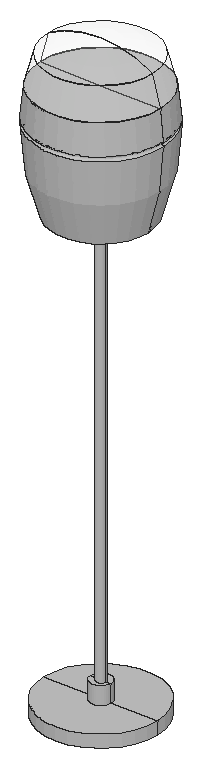
Revit family "Lighting-Pendant-Cooper-Shaper-749", category Lighting Fixtures, host Face, Revit 2015
Parameters
  Width = Length  # 0' - 5"
  Wattage Comments = ""
  Wattage = 17.5 W
  built-in parameter 1150110 = 1 (stored number, unit not read)
  Voltage = if([120 Volt], 120 V, 277 V)  # 120 V
  URL = "www.eaton.com/lighting"
  Type Comments = "Legacy 749 Series"  # constant formula
  Suspension Length [instance] = 2' - 0"
  Product data url = "https://bimobject.com/cooperlighting/product/lighting-pendant-cooper-shaper-749"
  Number of Poles = 1
  Model = "749"  # constant formula
  Lamp = "Lamp"
  Emit from Circle Diameter = 0' - 5"  # constant formula
  Emit Shape Visible in Rendering = no
  Electrical Connector Description = "Power In"  # constant formula
  Distribution = ""
  Description = "Small Scale Decorative Pendant Downlight"  # constant formula
  built-in parameter 1114217 = 1 (stored number, unit not read)
  Total Input Wattage = 0 W
  Tilt Angle = 90.00°
  built-in parameter 1150109 = 1 (stored number, unit not read)
  built-in parameter 1150134 = (empty or 0)
  built-in parameter 1150113 = 1 (stored number, unit not read)
  Product Page URL = "http://www.cooperindustries.com/content/public/en/lighting/products/indoor_ceiling_wall_mount_lighting/pendant_mount/_872149.ssd.html"
  Power Factor = 0
  Photometric Web File = "Select File"
  Manufacturer = "Cooper Lighting"  # constant formula
  built-in parameter 1150105 = 104.45 (stored number, unit not read)
  Lumens = 1312.5 lm
  built-in parameter 1150115 = 1 (stored number, unit not read)
  built-in parameter 1150137 = (empty or 0)
  built-in parameter 1150139 = (empty or 0)
  Length = 0' - 5"
  built-in parameter 1150112 = 1 (stored number, unit not read)
  built-in parameter 1150114 = 1 (stored number, unit not read)
  built-in parameter 1150132 = (empty or 0)
  built-in parameter 1150102 = (empty or 0)
  built-in parameter 1150107 = 2700 (stored number, unit not read)
  built-in parameter 1150138 = (empty or 0)
  built-in parameter 1150106 = 1.0445 (stored number, unit not read)
  Frame Material = Metal - Cooper Industries - Aluminum Paint
  built-in parameter 1150104 = 6.9677 (stored number, unit not read)
  Dimming Lamp Color Temperature Shift = (empty or 0)
  Depth = 0' - 6 1/4"  # constant formula
  Default Elevation = 0' - 0"
  Color Filter = 16777215
  built-in parameter 1114218 = 1 (stored number, unit not read)
  built-in parameter 1150133 = 10 (stored number, unit not read)
  Assembly Code = "D5020"
  Apparent Load = 0 VA
  277 Volt = not([120 Volt])  # no
  120 Volt = yes
Types (5): name | built-in parameter 1150134 | Product Page URL | Photometric Web File | built-in parameter 1150107
  (no name) | (empty or 0) | "http://www.cooperindustries.com/content/public/en/lighting/products/indoor_ceiling_wall_mount_lighting/pendant_mount/_872149.ssd.html" | "Select File" | 2700 (stored number, unit not read)
  2700 K | (empty or 0) | "http://www.cooperindustries.com/content/public/en/lighting/products/indoor_ceiling_wall_mount_lighting/pendant_mount/_872149.ssd.html" | "Select File" | 2700 (stored number, unit not read)
  3000 K | (empty or 0) | "" | "749-PSJ-L1_830.IES" | 3000 (stored number, unit not read)
  3500 K | (empty or 0) | "" | "Select File" | 3500 (stored number, unit not read)
  4000 K | 12 | "" | "Select File" | 4000 (stored number, unit not read)
Reference planes (in)
  plane 1 "Center (Front/Back)": y = 0
  plane 2 "Host Face": z = 0
  plane 3 "Center (Left/Right)": x = 0
  plane 4 "Light": z = 24
  plane 5: through (-12, -12, 48) normal (-0.7071, 0.7071, 0)
  plane 6: x = -2
  plane 7: x = 2
  plane 8: x = -2.25
  plane 9: x = 2.25
  plane 10: z = 0.5
  plane 11: y = 1.5
  plane 12: y = -1.5
  plane 13: x = 2.5
  plane 14: x = -2.5
  plane 15: y = 2.5
  plane 16: y = -2.5
  plane 17: x = -0.19175
  plane 18: x = 0.19175
  plane 19: y = 0.19175
  plane 20: y = -0.19175
  plane 21: z = 17.75
  plane 22: z = 22.32261
  plane 23: z = 21.16902
  plane 24: z = 21.00239
  plane 25: z = 23.46528
  plane 26: x = 0.40632
  plane 27: z = 1.18577
Forms (in)
  Sweep 1, solid, material "Metal - Cooper Industries - Aluminum Paint" <- "Frame Material"
    path origin (0, 0.72492, 4) x (0, -1, 0) y (0, 0, 1)
      loop
        line (0.72492, 13.75) -> (0.72492, -3.5)
    profile origin (0, 0, 9.125) x (1, 0, 0) y (0, 1, 0)
      loop
        circle (0, 0) r 0.19175
  Revolve 2, solid, material "Metal - Cooper Industries - Aluminum Paint" <- "Frame Material"
    sketch origin (0, 0, -0.83382) x (1, 0, 0) y (0, 0, 1)
      loop
        line (0, 0.83382) -> (2.25, 0.83382) -> (2.25, 1.33382) -> (0.40632, 1.33382) -> (0.40632, 2.01959) -> (0, 2.01959) -> (0, 0.83382)
      axis (0, 2.01959) -> (0, 0.83382)
    angle from 0 to 360
  Revolve 3, solid, material "Metal - Cooper Industries - Aluminum Paint" <- "Frame Material"
    sketch origin (0, 0, 0) x (1, 0, 0) y (0, 0, 1)
      loop
        line (-1.88825, 17.75) -> (0, 17.75) -> (0, 22.32261) -> (-2.38991, 22.32261)
        arc (-2.38991, 22.32261) -> (-2.46389, 21.74765) -> (-2.49904, 21.16902) r 8.61385
        arc (-2.49904, 21.16902) -> (-2.41572, 21.0857) -> (-2.49904, 21.00239) r 0.08332
        arc (-2.49904, 21.00239) -> (-2.35133, 19.34658) -> (-1.88825, 17.75) r 8.6124
      axis (0, 22.32261) -> (0, 17.75)
    angle from 0 to 360
  Revolve 4, solid, material "Lens - Cooper Industries -Acrylic"
    sketch origin (0, 0, 0) x (1, 0, 0) y (0, 0, 1)
      loop
        arc (0, 24) -> (-1.07592, 23.86419) -> (-2.08434, 23.46528) r 4.32972
        arc (-2.08434, 23.46528) -> (-2.25795, 22.89963) -> (-2.38887, 22.32261) r 7.925
        line (-2.38887, 22.32261) -> (0, 22.32261) -> (0, 24)
      axis (0, 22.32261) -> (0, 24)
    angle from 0 to 360
Lines and regions (in)
  symbolic lines, style "Host"
    curve 1: circle (0, 0, 0) r 0.19175 normal (0, 0, 1)
    curve 2: line (-2.38696, 0, 22.32261) -> (2.38696, 0, 22.32261)
    curve 3: line (2.08434, 0, 23.46528) -> (-2.08434, 0, 23.46528)
    curve 4: arc (-2.12679, 0, 23.44165) -> (-2.49174, 0, 20.57553) -> (-1.88825, 0, 17.75) r 8.6124
    curve 5: line (-1.88825, 0, 17.75) -> (1.88825, 0, 17.75)
    curve 6: arc (1.88825, 0, 17.75) -> (2.49174, 0, 20.57553) -> (2.12679, 0, 23.44165) r 8.6124
    curve 7: line (2.25, 0, 0.5) -> (-2.25, 0, 0.5)
    curve 8: line (-2.25, 0, 0.5) -> (-2.25, 0, 0)
    curve 9: line (-2.25, 0, 0) -> (2.25, 0, 0)
    curve 10: line (2.25, 0, 0) -> (2.25, 0, 0.5)
    curve 11: arc (-2.12679, 0, 23.44165) -> (-0.02429, 0, 23.99993) -> (2.08434, 0, 23.46528) r 4.32972
    curve 12: line (0.19175, 0, 17.75) -> (0.19175, 0, 1.18577)
    curve 13: line (-0.19175, 0, 1.18577) -> (-0.19175, 0, 17.75)
    curve 14: line (0, 2.25, 0) -> (0, -2.25, 0)
    curve 15: line (0, 2.25, 0.5) -> (0, -2.25, 0.5)
    curve 16: line (0, -2.25, 0.5) -> (0, -2.25, 0)
    curve 17: line (0, 2.25, 0.5) -> (0, 2.25, 0)
    curve 18: line (0, -0.19175, 17.75) -> (0, -0.19175, 0.5)
    curve 19: line (0, 0.19175, 17.75) -> (0, 0.19175, 0.5)
    curve 20: line (0, -2.38991, 22.32261) -> (0, 2.37393, 22.32261)
    curve 21: line (0, -1.88838, 17.75) -> (0, 1.88825, 17.75)
    curve 22: arc (0, -2.08434, 23.46528) -> (0, -2.49809, 20.59009) -> (0, -1.88838, 17.75) r 8.23956
    curve 23: arc (0, 2.08434, 23.46528) -> (0, 2.49749, 20.5901) -> (0, 1.88825, 17.75) r 8.24766
    curve 24: line (0, 2.08434, 23.46528) -> (0, -2.08434, 23.46528)
    curve 25: arc (0, 2.08434, 23.46528) -> (0, 0, 24) -> (0, -2.08434, 23.46528) r 4.32972
    curve 26: arc (2.49904, 0, 0) -> (0, 2.49904, 0) -> (-2.49904, 0, 0) r 2.49904
    curve 27: arc (-2.49904, 0, 0) -> (0, -2.49904, 0) -> (2.49904, 0, 0) r 2.49904
    curve 28: line (0.40632, 0, 1.18577) -> (-0.40632, 0, 1.18577)
    curve 29: line (0.40632, 0, 1.18577) -> (0.40632, 0, 0.5)
    curve 30: line (-0.40632, 0, 1.18577) -> (-0.40632, 0, 0.5)
Dimensions and locks (in)
  "Suspension Length": plane 4 "Light" to plane 2 "Host Face"
  "Length": plane 15 to plane 16
  "Width": plane 14 to plane 13
  equal spacing: plane 14, plane 3 "Center (Left/Right)", plane 13
  equal spacing: plane 15, plane 1 "Center (Front/Back)", plane 16
  equal spacing: plane 17, plane 3 "Center (Left/Right)", plane 18, locked at 0.19175 each
  equal spacing: plane 20, plane 1 "Center (Front/Back)", plane 19, locked at 0.19175 each
  "Depth": plane 4 "Light" to plane 21
  locked: plane 4 "Light" to plane 25 at 0.53472
  plane 4 "Light" to plane 22 to plane 23 to plane 24 = 0' - 1.67739" locked, 0' - 1.15359" locked, 0' - 0.16663" locked
  curve 17 to plane 1 "Center (Front/Back)" to curve 16 = 0' - 2 1/4" locked, 0' - 2 1/4" locked
  locked: curve 25 to plane 4 "Light"
  locked: plane 15 to curve 23 at 0.61175
  locked: plane 14 to Revolve 3 sketch curve at 0.08428
  locked: plane 26 to plane 3 "Center (Left/Right)" at 0.40632
  locked: plane 27 to plane 2 "Host Face" at 1.18577
  aligned and locked: plane 2 "Host Face" to host face
  aligned and locked: level to host face
  aligned: imposter light to plane 3 "Center (Left/Right)"
  aligned and locked: imposter light to plane 3 "Center (Left/Right)"
  aligned and locked: Revolve 2 sketch curve to plane 3 "Center (Left/Right)"  (x2)
  aligned and locked: plane 8 to Revolve 2  (x2)
  aligned and locked: plane 9 to Revolve 2  (x2)
  aligned and locked: Revolve 2 to plane 10
  aligned and locked: plane 2 "Host Face" to Revolve 2
  aligned and locked: plane 10 to Sweep 1 sketch curve
  aligned and locked: plane 10 to Sweep 1
  aligned and locked: plane 17 to Sweep 1
  aligned and locked: plane 18 to Sweep 1
  aligned and locked: plane 1 "Center (Front/Back)" to imposter light
  aligned and locked: Revolve 3 sketch curve to plane 3 "Center (Left/Right)"
  aligned and locked: Revolve 4 sketch curve to plane 3 "Center (Left/Right)"
  aligned and locked: plane 3 "Center (Left/Right)" to Revolve 4 sketch curve
  aligned and locked: plane 4 "Light" to Revolve 4 sketch curve
  aligned and locked: plane 22 to Revolve 4 sketch curve
  aligned and locked: plane 25 to Revolve 4 sketch curve
  aligned and locked: Revolve 3 sketch curve to plane 22
  aligned and locked: plane 23 to Revolve 3 sketch curve
  aligned and locked: plane 24 to Revolve 3 sketch curve
  aligned and locked: imposter light to plane 22
  aligned and locked: Revolve 4 to curve 2
  aligned and locked: curve 3 to Revolve 4
  aligned and locked: curve 4 to Revolve 3
  aligned and locked: curve 5 to Revolve 3
  aligned and locked: curve 6 to Revolve 3
  aligned and locked: curve 7 to Revolve 2
  aligned and locked: curve 8 to Revolve 2
  aligned and locked: curve 10 to Revolve 2
  aligned and locked: curve 9 to plane 2 "Host Face"
  aligned and locked: curve 12 to Sweep 1
  aligned and locked: Sweep 1 to curve 13
  aligned and locked: plane 21 to curve 13
  aligned and locked: curve 14 to Revolve 2
  aligned and locked: curve 15 to Revolve 2
  aligned and locked: plane 20 to curve 18
  aligned and locked: Sweep 1 to curve 19
  aligned and locked: plane 19 to curve 19
  aligned and locked: plane 10 to curve 18
  aligned and locked: curve 20 to Revolve 3
  aligned and locked: plane 21 to curve 21
  aligned and locked: Revolve 4 to curve 22
  aligned and locked: curve 24 to Revolve 4
  aligned and locked: curve 26 to Revolve 3
  aligned and locked: curve 27 to Revolve 3
  aligned and locked: Revolve 3 sketch curve to plane 21
  aligned and locked: plane 26 to Revolve 2 sketch curve
  aligned and locked: plane 27 to Revolve 2 sketch curve
  aligned and locked: Revolve 2 to curve 12
  aligned and locked: curve 28 to Revolve 2
  aligned and locked: curve 29 to Revolve 2
  aligned and locked: curve 30 to Revolve 2
Automatic sketch dimensions
  host sketch curve to host sketch curve = 8' - 6.979"
  host sketch curve to host sketch curve = 9' - 3.52659"
  Sweep 1 sketch curve to plane 3 "Center (Left/Right)" = 0' - 0"
  profile plane to Sweep 1 sketch curve = 0' - 0"
  Sweep 1 sketch curve to plane 19 = 0' - 0.19175"
  plane 1 "Center (Front/Back)" to curve 1 = 0' - 0"
  curve 1 to plane 3 "Center (Left/Right)" = 0' - 0"
  Sweep 1 sketch curve to plane 21 = 0' - 0"
  Revolve 4 sketch curve to plane 14 = 0' - 0.11113"
  Revolve 4 sketch curve to plane 21 = 0' - 4 1/4"
  Revolve 4 sketch curve to Revolve 4 sketch curve = 0' - 9"
  Revolve 3 sketch curve to plane 3 "Center (Left/Right)" = 0' - 0"
  plane 6 to Revolve 3 sketch curve = 0' - 0.11175"
  Revolve 3 sketch curve to plane 14 = 0' - 0.11009"
  Revolve 3 sketch curve to level = 2' - 0"
  plane 4 "Light" to Revolve 3 sketch curve = 6' - 10.46882"
  Revolve 3 sketch curve to Revolve 3 sketch curve = 0' - 0.00029"
  Revolve 3 sketch curve to Revolve 3 sketch curve = 0' - 0.00144"
  plane 21 to Revolve 4 sketch curve = 0' - 1.92028"
  curve 25 to plane 1 "Center (Front/Back)" = 0' - 0"
  plane 24 to curve 23 = 0' - 0.12948"
  plane 12 to curve 21 = 0' - 0.38838"
  plane 24 to curve 22 = 0' - 0.12995"
  plane 24 to curve 25 = 0' - 1.3321"
  plane 16 to curve 20 = 0' - 0.11009"
  curve 20 to curve 24 = 0' - 0.30558"
  plane 24 to Revolve 4 sketch curve = 0' - 0.14361"
  Revolve 2 sketch curve to level = 0' - 0"
  plane 9 to Revolve 2 sketch curve = 0' - 0"
  Revolve 2 sketch curve to plane 10 = 0' - 0"
  Revolve 2 sketch curve to level = 2' - 0.83382"
  plane 4 "Light" to Revolve 2 sketch curve = 6' - 5.88501"
  curve 11 to plane 3 "Center (Left/Right)" = 0' - 0"
  plane 7 to curve 3 = 0' - 0.08434"
  plane 24 to curve 11 = 0' - 1.3321"
  curve 11 to curve 3 = 0' - 0.04245"
  curve 11 to curve 6 = 0' - 0.04245"
  radius of Sweep 1 sketch curve = 0' - 0.19175"
  radius of curve 1 = 0' - 0.19175"
Connectors (in)
  electrical at (0, 0, 0), driven by "Power Factor", driven by "Apparent Load", driven by "Voltage", driven by "Electrical Connector Description"
    settings: on Revolve 2, index 1, voltage 120 V, apparent load 0 VA, apparent load phase1 0 VA, apparent load phase2 0 VA, apparent load phase3 0 VA, power factor 0, load classification "Lighting", number of poles 1, system type 30, power factor state 1, is connector primary yes, connector utility no, sub classification motor no, connector description "Power In"
